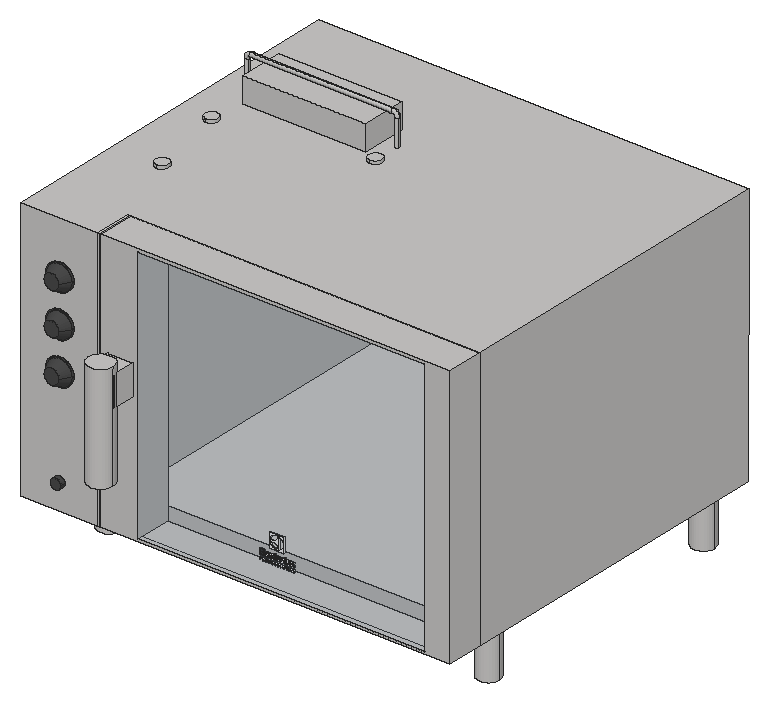
Revit family "QF_ELECTROLUXPROFESSIONAL_260815_EFCG61CSBS", category Attrezzature speciali, Revit 2018
Family settings
  Quota connettore circolare = Usa diametro
  Tipo di parte = Normale
  Basato su piano di lavoro = No
  Sempre verticale = Sì
  Taglio con vuoti quando caricato = No
  Condiviso = No
  Punto di calcolo locali = No
Parameters (values of type "Standard")
  Weight = 92.10 kg
  Watts = 350 W
  Volts = 220 V
  URL Manufacturer = "https://www.electroluxprofessional.com/"
  URL = "https://www.electroluxprofessional.com/"
  Steam Supply Size = 0 mm
  Steam Supply Minimum Pressure = 0.0 Pa
  Steam Supply Maximum Pressure = 0.0 Pa
  Steam Consumption per Hour = 0
  Show Logo [instance] = yes
  Show Clearance [instance] = yes
  Refrigeration Suction Line Size = 0 mm
  Refrigeration Liquid Line Size = 0 mm
  Refrigerant Compressor Remote = yes
  Produttore = "Electrolux Professional"
  Phase = 1
  Modello = "EFCG61CSBS"
  Length Actual = 860 mm  # constant formula
  Item Number = "260815"
  Hot Water Size = 0 mm
  Height Actual = 701 mm  # constant formula
  HP = "0.5 HP"
  Gas Size = 12.7 mm
  Gas KW = 8.5
  Gas Input Pressure = 0.0585289 W
  Direct Waste Size = 25 mm
  Descrizione = "CONVECTION OVEN CW 6 GN 1/1 - GAS - 60HZ"
  Depth Actual = 746 mm  # constant formula
  Cycle = 60 Hz
  Condensate Return Size = 0 mm
  Compressed Air Volume = 0.0 L/s
  Compressed Air Size = 0 mm
  Compressed Air Pressure = 0.0 Pa
  Cold Water Size = 19.05 mm
  Accessory = yes
Types (2, lengths in mm): name | URL | Produttore | Phase | Modello | Gas Size | Direct Waste Size | Descrizione | Cold Water Size
  (no name) | 0 | 0 | 0 | 0 | 0 | 0 | 0 | 0
  Standard | "https://www.electroluxprofessional.com/" | "Electrolux Professional" | 1 | "EFCG61CSBS" | 12.7 | 25 | "CONVECTION OVEN CW 6 GN 1/1 - GAS - 60HZ" | 19.05
Values of the unnamed type that differ from the named types
  Weight = 0.00 kg
  Watts = 0 W
  Volts = 0 V
  URL Manufacturer = ""
  Item Number = ""
  HP = ""
  Gas KW = 0
  Gas Input Pressure = 0 W
  Cycle = 0 Hz
Reference planes
  plane 1 "Center X": y = 106.851
  plane 2: z = 0
  plane 3 "Center Y": x = -330
  plane 4 "LEFT": x = -760
  plane 5 "BACK": y = 479.851
  plane 6 "RIGHT": x = 100
  plane 7 "FRONT": y = -266.149
  plane 8: x = -710
  plane 9: y = 421.851
  plane 10: y = -191.149
  plane 11: x = 80
  plane 12: z = 108
  plane 13 "Center Z": z = 633
  plane 14: z = 0
  plane 15 "1": y = 241.851
Forms (mm)
  Extrusion 1, solid, material "QF_Finishes_Stainless Steel"
    sketch origin (0, 0, 950) x (-1, 0, 0) y (0, -1, 0)
      loop
        line (760, -479.851) -> (760, 266.149) -> (600, 266.149) -> (600, 191.149) -> (-100, 191.149) -> (-100, -479.851) -> (760, -479.851)
    from -317 to -842
  Extrusion 2, solid, material "QF_Finishes_Stainless Steel"
    sketch origin (0, -266.149, -670) x (-1, 0, 0) y (0, 0, 1)
      loop
        line (605, 1303) -> (-100, 1303) -> (-100, 778) -> (605, 778) -> (605, 1303)
      loop
        line (525, 1298) -> (-50, 1298) -> (-50, 783) -> (525, 783) -> (525, 1298)
    from 0 to 75
  Extrusion 3, solid, material "QF_Finishes_Glass"
    sketch origin (0, -266.149, -670) x (-1, 0, 0) y (0, 0, 1)
      loop
        line (-50, 1298) -> (-50, 783) -> (525, 783) -> (525, 1298) -> (-50, 1298)
    from 0 to 9.69
  Extrusion 4, solid, material "QF_Finishes_Stainless Steel"
    sketch origin (-46, -45, 638) x (0, -1, 0) y (-1, 0, 0)
      loop
        circle (-347.851, 643) r 13.25
    from 0 to 5
  Extrusion 5, solid, material "QF_Door-Drawer Clearances", visible <- "Show Clearance", detail levels coarse
    sketch origin (0, 0, 633) x (-1, 0, 0) y (0, -1, 0)
      loop
        arc (600, 266.149) -> (394.975, 761.124) -> (-100, 966.149) r 700
        line (-100, 966.149) -> (-100, 266.149) -> (600, 266.149)
    from -525 to 0
  Extrusion 6, solid, material "QF_Finishes_Stainless Steel"
    sketch origin (-20, -463, 638) x (0, -1, 0) y (-1, 0, 0)
      loop
        circle (-429.851, 643) r 13.25
    from 0 to 5
  Extrusion 7, solid, material "QF_Finishes_Stainless Steel"
    sketch origin (246, -161, 638) x (0, -1, 0) y (-1, 0, 0)
      loop
        circle (-347.851, 658) r 13.25
    from 0 to 5
  Extrusion 8, solid, material "QF_Finishes_Stainless Steel"
    sketch origin (0, 0, 420) x (-1, 0, 0) y (0, -1, 0)
      loop
        circle (559.299, 316.149) r 25
    from -193.655 to 20
  Extrusion 9, solid, material "QF_Finishes_Stainless Steel"
    sketch origin (0, 0, 420) x (-1, 0, 0) y (0, -1, 0)
      loop
        line (534.299, 316.149) -> (534.299, 266.149) -> (584.299, 266.149) -> (584.299, 316.149)
        arc (584.299, 316.149) -> (559.299, 291.149) -> (534.299, 316.149) r 25
    from -55.026 to 5
  Extrusion 10, solid, material "QF_Finishes_Black"
    sketch origin (25, -316.149, -1057.5) x (-1, 0, 0) y (0, 0, 1)
      loop
        circle (705.941, 1218.523) r 10
    from 40 to 50
  Extrusion 11, solid, material "QF_Finishes_Stainless Steel"
    sketch origin (-51, -218, 638) x (0, -1, 0) y (-1, 0, 0)
      loop
        circle (-347.851, 643) r 13.25
    from 0 to 5
  Extrusion 12, solid, material "QF_Finishes_Black"
    sketch origin (24, -266.149, -666.676) x (-1, 0, 0) y (0, 0, 1)
      loop
        circle (704, 1195.5) r 26.676
    from 0 to -3
  Blend 13, solid, material "QF_Finishes_Black"
    base sketch origin (-6, -266.149, -666.676) x (1, 0, 0) y (0, 0, 1)
      loop
        circle (-674, 1195.5) r 25
    top sketch origin (-6, -266.149, -666.676) x (1, 0, 0) y (0, 0, 1)
      loop
        circle (-674, 1195.5) r 15
    from 3 to 21.442
  Extrusion 14, solid, material "QF_Finishes_Black"
    sketch origin (24, -266.149, -751.676) x (-1, 0, 0) y (0, 0, 1)
      loop
        circle (704, 1195.5) r 26.676
    from 0 to -3
  Blend 15, solid, material "QF_Finishes_Black"
    base sketch origin (-6, -266.149, -751.676) x (1, 0, 0) y (0, 0, 1)
      loop
        circle (-674, 1195.5) r 25
    top sketch origin (-6, -266.149, -751.676) x (1, 0, 0) y (0, 0, 1)
      loop
        circle (-674, 1195.5) r 15
    from 3 to 21.442
  Extrusion 16, solid, material "QF_Finishes_Black"
    sketch origin (24, -266.149, -836.676) x (-1, 0, 0) y (0, 0, 1)
      loop
        circle (704, 1195.5) r 26.676
    from 0 to -3
  Blend 17, solid, material "QF_Finishes_Black"
    base sketch origin (-6, -266.149, -836.676) x (1, 0, 0) y (0, 0, 1)
      loop
        circle (-674, 1195.5) r 25
    top sketch origin (-6, -266.149, -836.676) x (1, 0, 0) y (0, 0, 1)
      loop
        circle (-674, 1195.5) r 15
    from 3 to 21.442
  Extrusion 18, void
    sketch origin (-600, -680.149, 1750) x (-1, 0, 0) y (0, 0, 1)
      loop
        line (0, -1138.194) -> (-650, -1138.194) -> (-650, -1610) -> (0, -1610) -> (0, -1138.194)
    from 489 to 1102
  Extrusion 19, solid, material "QF_Finishes_Stainless Steel"
    sketch origin (-158.755, 1.577, 1620) x (-1, 0, 0) y (0, -1, 0)
      loop
        line (527.245, -285.274) -> (527.245, -195.745) -> (280.245, -195.745) -> (280.245, -285.274) -> (527.245, -285.274)
    from -987 to -936
  Sweep 20, solid, material "QF_Finishes_Stainless Steel"
    path origin (-11, 241.851, 0) x (-1, 0, 0) y (0, 0, 1)
      loop
        line (702, 638) -> (702, 687)
        arc (702, 687) -> (699.657, 692.657) -> (694, 695) r 8
        line (694, 695) -> (409, 695)
        arc (409, 695) -> (403.343, 692.657) -> (401, 687) r 8
        line (401, 687) -> (401, 633)
    profile origin (-713, 241.851, 662.5) x (1, 0, 0) y (0, 1, 0)
      loop
        circle (0, 0) r 4
Cuts and joins
  Extrusion 18 cuts Extrusion 1
  Extrusion 18 cuts Extrusion 2
  Extrusion 18 cuts Extrusion 3
  Extrusion 18 cuts Extrusion 5
  Extrusion 18 cuts Extrusion 7
  Extrusion 18 cuts Extrusion 8
  Extrusion 18 cuts Extrusion 9
Lines and regions (mm)
  Split face 1
    outline origin (-720, -266.149, 950) x (0, 0, -1) y (1, 0, 0)
      loop
        line (322, -25) -> (837, -25) -> (837, 105) -> (322, 105) -> (322, -25)
  Split face 2
    outline origin (-736.25, -266.149, 746.25) x (0, 0, -1) y (1, 0, 0)
      loop
        line (469.5, 38.5) -> (485.75, 38.5) -> (485.75, 73.5) -> (469.5, 73.5) -> (469.5, 38.5)
  Split face 3
    outline origin (30, -266.149, 135) x (1, 0, 0) y (0, 0, 1)
      loop
        line (-541.223, 70.039) -> (-390, 70.039) -> (-361.716, 98.323) -> (-275, 98.323) -> (-188.284, 98.323) -> (-160, 70.039) -> (6.223, 70.039) -> (6.223, 415.039) -> (-541.223, 415.039) -> (-541.223, 70.039)
  Split face 4
    outline origin (-720, -266.149, 950) x (0, 0, -1) y (1, 0, 0)
      loop
        line (792, -25) -> (792, 105)
  Split face 5
    outline origin (-600, -266.149, 950) x (-1, 0, 0) y (0, 0, -1)
      loop
        line (145, 367) -> (15, 367)
  symbolic lines
    curve 1: line (-760, -266.149, 1620) -> (-760, 479.851, 1620)
    curve 2: line (-760, 479.851, 1620) -> (100, 479.851, 1620)
    curve 3: line (-600, -191.149, 1620) -> (100, -191.149, 1620)
    curve 4: line (-600, -191.149, 1620) -> (-600, -266.149, 1620)
    curve 5: line (-760, -266.149, 1620) -> (100, -266.149, 1620)
    curve 6: line (-706.676, -269.149, 1620) -> (-653.324, -269.149, 1620)
    curve 7: line (-695, -287.591, 1620) -> (-665, -287.591, 1620)
    curve 8: line (-706.676, -269.149, 1620) -> (-706.676, -266.149, 1620)
    curve 9: line (-653.324, -269.149, 1620) -> (-653.324, -266.149, 1620)
    curve 10: line (-695, -287.591, 1620) -> (-705, -269.149, 1620)
    curve 11: line (-665, -287.591, 1620) -> (-655.006, -269.149, 1620)
    curve 12: line (100, 479.851, 1620) -> (100, -266.149, 1620)
    curve 14: arc (-534.299, -316.149, 1620) -> (-559.299, -291.149, 1620) -> (-584.299, -316.149, 1620) r 25
    curve 15: arc (-584.299, -316.149, 1620) -> (-559.299, -341.149, 1620) -> (-534.299, -316.149, 1620) r 25
    curve 16: line (-534.299, -316.149, 1620) -> (-534.299, -266.149, 1620)
    curve 17: line (-584.299, -266.149, 1620) -> (-584.299, -316.149, 1620)
    curve 19: line (-686, 286.851, 684) -> (-439, 286.851, 684)
    curve 20: line (-686, 197.322, 684) -> (-686, 237.851, 684)
    curve 21: line (-439, 197.322, 684) -> (-686, 197.322, 684)
    curve 22: line (-439, 286.851, 684) -> (-439, 245.851, 684)
    curve 23: line (-713, 245.851, 684) -> (-412, 245.851, 684)
    curve 24: line (-713, 237.851, 684) -> (-713, 245.851, 684)
    curve 25: line (-412, 237.851, 684) -> (-713, 237.851, 684)
    curve 26: line (-412, 245.851, 684) -> (-412, 237.851, 684)
    curve 27: line (-686, 245.851, 684) -> (-686, 286.851, 684)
    curve 28: line (-439, 237.851, 684) -> (-439, 197.322, 684)
  symbolic lines, style "QF_Door-Drawer Clearances"
    curve 13: line (100, -966.149, 1620) -> (100, -266.149, 1620)
    curve 18: arc (-600, -266.149, 684) -> (-394.975, -761.124, 684) -> (100, -966.149, 684) r 700
Dimensions and locks
  equal spacing: plane 4 "LEFT", plane 3 "Center Y", plane 6 "RIGHT"
  plane 4 "LEFT" to plane 6 "RIGHT" = 860 mm
  plane 5 "BACK" to plane 7 "FRONT" = 746 mm
  equal spacing: plane 5 "BACK", plane 1 "Center X", plane 7 "FRONT"
  plane 12 to plane 14 = 108 mm
  plane 13 "Center Z" to plane 12 = 525 mm
  plane 13 "Center Z" to plane 14 = 633 mm
  aligned and locked: level to plane 2
  aligned and locked: plane 12 to nested 1
  aligned and locked: plane 12 to nested 2
  aligned and locked: plane 12 to nested 4
  aligned and locked: plane 12 to nested 3
  aligned and locked: Extrusion 1 to plane 12
  aligned and locked: plane 13 "Center Z" to Extrusion 1
  aligned and locked: Blend 13 to Extrusion 12
  aligned and locked: Blend 15 to Extrusion 14
  aligned and locked: Blend 17 to Extrusion 16
Automatic sketch dimensions
  curve 3 to plane 6 "RIGHT" = 0 mm
  curve 16 to plane 7 "FRONT" = 0 mm
  curve 3 to plane 10 = 0 mm
  curve 2 to plane 4 "LEFT" = 0 mm
  curve 1 to plane 5 "BACK" = 0 mm
  curve 16 to plane 7 "FRONT" = 50 mm
  plane 8 to curve 16 = 175.701 mm
  curve 14 to curve 15 = 25 mm
  curve 17 to curve 3 = 15.701 mm
  curve 6 to plane 7 "FRONT" = 3 mm
  curve 4 to curve 6 = 53.324 mm
  curve 6 to curve 7 = 11.676 mm
  plane 8 to curve 7 = 15 mm
  plane 8 to curve 8 = 3.324 mm
  curve 11 to curve 11 = 18.442 mm
  curve 6 to curve 11 = 1.682 mm
  curve 10 to curve 6 = 1.676 mm
  Extrusion 1 sketch curve to plane 5 "BACK" = 0 mm
  Extrusion 1 sketch curve to plane 6 "RIGHT" = 0 mm
  Extrusion 1 sketch curve to plane 10 = 0 mm
  Extrusion 1 sketch curve to plane 7 "FRONT" = 0 mm
  Extrusion 1 sketch curve to plane 4 "LEFT" = 0 mm
  plane 8 to Extrusion 1 sketch curve = 110 mm
  Extrusion 2 sketch curve to plane 6 "RIGHT" = 0 mm
  Extrusion 2 sketch curve to plane 12 = 0 mm
  Extrusion 2 sketch curve to plane 13 "Center Z" = 0 mm
  plane 12 to Extrusion 2 sketch curve = 5 mm
  Extrusion 2 sketch curve to plane 11 = 30 mm
  Extrusion 2 sketch curve to plane 13 "Center Z" = 5 mm
  plane 8 to Extrusion 2 sketch curve = 185 mm
  Extrusion 2 sketch curve to Extrusion 2 sketch curve = 80 mm
  plane 12 to Extrusion 3 sketch curve = 5 mm
  Extrusion 3 sketch curve to plane 11 = 30 mm
  plane 8 to Extrusion 3 sketch curve = 185 mm  (x2)
  Extrusion 3 sketch curve to plane 13 "Center Z" = 5 mm
  Extrusion 4 sketch curve to plane 1 "Center X" = 196 mm
  plane 8 to Extrusion 4 sketch curve = 21 mm
  Extrusion 5 sketch curve to plane 6 "RIGHT" = 0 mm
  Extrusion 5 sketch curve to plane 7 "FRONT" = 0 mm
  plane 8 to Extrusion 5 sketch curve = 110 mm
  Split face 1 sketch curve to Extrusion 1 = 5 mm  (x2)
  Split face 1 sketch curve to Extrusion 1 = 15 mm  (x2)
  Split face 2 sketch curve to Extrusion 1 = 62.75 mm
  Split face 2 sketch curve to Extrusion 1 = 168.75 mm
  Split face 2 sketch curve to Split face 2 sketch curve = 16.25 mm
  Split face 2 sketch curve to Split face 2 sketch curve = 35 mm
  plane 8 to Extrusion 6 sketch curve = 47 mm
  plane 1 "Center X" to Extrusion 6 sketch curve = 140 mm
  Extrusion 7 sketch curve to plane 3 "Center Y" = 82 mm
  Extrusion 7 sketch curve to plane 9 = 235 mm
  Extrusion 8 sketch curve to plane 7 "FRONT" = 50 mm
  plane 8 to Extrusion 8 sketch curve = 150.701 mm
  Extrusion 9 sketch curve to plane 7 "FRONT" = 0 mm
  plane 8 to Extrusion 9 sketch curve = 175.701 mm
  Extrusion 9 sketch curve to Extrusion 9 sketch curve = 25 mm
  Extrusion 9 sketch curve to plane 7 "FRONT" = 50 mm
  Split face 3 sketch curve to Extrusion 3 = 13.777 mm  (x2)
  Split face 3 sketch curve to Split face 3 sketch curve = 151.223 mm
  Split face 3 sketch curve to Split face 3 sketch curve = 28.284 mm  (x3)
  Split face 3 sketch curve to Split face 3 sketch curve = 86.716 mm  (x2)
  Split face 3 sketch curve to Extrusion 3 = 92.039 mm  (x2)
  Split face 3 sketch curve to Extrusion 3 = 77.961 mm
  Split face 4 sketch curve to Extrusion 1 = 15 mm  (x2)
  Split face 4 sketch curve to Extrusion 1 = 50 mm
  plane 8 to Extrusion 10 sketch curve = 29.059 mm
  plane 12 to Extrusion 10 sketch curve = 53.023 mm
  Split face 5 sketch curve to Extrusion 1 = 15 mm  (x2)
  Split face 5 sketch curve to Extrusion 1 = 50 mm
  plane 8 to Extrusion 11 sketch curve = 16 mm
  Extrusion 11 sketch curve to plane 1 "Center X" = 23 mm
  plane 8 to Extrusion 12 sketch curve = 30 mm
  Extrusion 12 sketch curve to plane 13 "Center Z" = 104.176 mm
  plane 8 to Blend 13 sketch curve = 30 mm  (x2)
  Blend 13 sketch curve to plane 13 "Center Z" = 104.176 mm  (x2)
  plane 8 to Extrusion 14 sketch curve = 30 mm
  Extrusion 14 sketch curve to plane 13 "Center Z" = 189.176 mm
  plane 8 to Blend 15 sketch curve = 30 mm  (x2)
  Blend 15 sketch curve to plane 13 "Center Z" = 189.176 mm  (x2)
  plane 8 to Extrusion 16 sketch curve = 30 mm
  plane 12 to Extrusion 16 sketch curve = 250.824 mm
  plane 8 to Blend 17 sketch curve = 30 mm  (x2)
  plane 12 to Blend 17 sketch curve = 250.824 mm  (x2)
  Extrusion 18 sketch curve to plane 11 = 30 mm
  plane 12 to Extrusion 18 sketch curve = 32 mm
  plane 8 to Extrusion 18 sketch curve = 110 mm
  Extrusion 18 sketch curve to plane 13 "Center Z" = 21.194 mm
  Extrusion 19 sketch curve to plane 3 "Center Y" = 109 mm
  plane 8 to Extrusion 19 sketch curve = 24 mm
  Extrusion 19 sketch curve to plane 9 = 135 mm
  Extrusion 19 sketch curve to plane 1 "Center X" = 90.471 mm
  Sweep 20 sketch curve to plane 13 "Center Z" = 0 mm
  Sweep 20 sketch curve to plane 3 "Center Y" = 82 mm
  Sweep 20 sketch curve to Sweep 20 sketch curve = 8 mm
  plane 8 to Sweep 20 sketch curve = 5 mm
  Sweep 20 sketch curve to plane 8 = 3 mm
  Sweep 20 sketch curve to Sweep 20 sketch curve = 54 mm
  plane 13 "Center Z" to Sweep 20 sketch curve = 5 mm
  Sweep 20 sketch curve to plane 15 "1" = 0 mm
  Sweep 20 sketch curve to profile plane = 0 mm
  curve 13 to plane 7 "FRONT" = 700 mm
  curve 18 to plane 6 "RIGHT" = 0 mm
  curve 18 to plane 7 "FRONT" = 0 mm
  curve 25 to plane 15 "1" = 4 mm
  curve 25 to plane 3 "Center Y" = 82 mm
  curve 25 to curve 21 = 27 mm
  curve 19 to curve 28 = 0 mm
  plane 8 to curve 21 = 24 mm
  plane 8 to curve 27 = 24 mm
  curve 24 to plane 8 = 3 mm
  plane 15 "1" to curve 26 = 4 mm
  curve 19 to curve 27 = 41 mm
  curve 21 to plane 15 "1" = 44.529 mm
  plane 8 to curve 18 = 110 mm
  radius of Extrusion 4 sketch curve = 13.25 mm
  radius of Extrusion 6 sketch curve = 13.25 mm
  radius of Extrusion 7 sketch curve = 13.25 mm
  radius of Extrusion 8 sketch curve = 25 mm
  radius of Extrusion 10 sketch curve = 10 mm
  radius of Extrusion 11 sketch curve = 13.25 mm
  radius of Extrusion 12 sketch curve = 26.676 mm
  radius of Blend 13 sketch curve = 25 mm
  radius of Blend 13 sketch curve = 15 mm
  radius of Extrusion 14 sketch curve = 26.676 mm
  radius of Blend 15 sketch curve = 25 mm
  radius of Blend 15 sketch curve = 15 mm
  radius of Extrusion 16 sketch curve = 26.676 mm
  radius of Blend 17 sketch curve = 25 mm
  radius of Blend 17 sketch curve = 15 mm
  radius of Sweep 20 sketch curve = 4 mm
Nested families
  nested 1: "Foot" at (-710, -107.149, 0), type "Foot"
    with Ø 22 mm, H 108 mm
  nested 2: "Foot" at (50, -107.149, 0), type "Foot"
    with Ø 22 mm, H 108 mm
  nested 3: "Foot" at (50, 429.851, 0), type "Foot"
    with Ø 22 mm, H 108 mm
  nested 4: "Foot" at (-710, 429.851, 0), type "Foot"
    with Ø 22 mm, H 108 mm
  nested 5: "ELX_Pro_Logo" at (-245, -266.149, 187.762) x (1, 0, 0) z (0, -1, 0), type "ELX_Pro_Logo"
Connectors
  piping at (-412, 186.851, 638), diameter 25, driven by "Direct Waste Size"
    settings: on Extrusion 7, index 6, connector inside diameter 609.6 mm, connector length 0 mm, flow factor 0, pipe flow 0.0 L/s, pressure drop 0.0 Pa, fitting loss kfactor 0, connector angle 0.00°, fixture units 0, engagement length 0 mm, angle of deflection 0.00°, flow configuration 0, flow direction 0, fitting loss method 0, system type 16, joint type 0, gender type 0, connector reference index -1, connector utility 0, adjustable connector no, is connector primary yes, connector description "Drain"
  electrical at (-663, -33.149, 638)
    settings: on Extrusion 6, index 7, voltage 0 V, apparent load 0 VA, apparent load phase1 0 VA, apparent load phase2 0 VA, apparent load phase3 0 VA, power factor 1, load classification "Altro", number of poles 1, system type 30, power factor state 1, is connector primary yes, connector utility no, sub classification motor no, connector description ""
  piping at (-689, 302.851, 638), diameter 19.05, driven by "Cold Water Size"
    settings: on Extrusion 4, index 8, connector inside diameter 609.6 mm, connector length 0 mm, flow factor 0, pipe flow 0.0 L/s, pressure drop 0.0 Pa, fitting loss kfactor 0, connector angle 0.00°, fixture units 0, engagement length 0 mm, angle of deflection 0.00°, flow configuration 0, flow direction 0, fitting loss method 0, system type 20, joint type 0, gender type 0, connector reference index -1, connector utility 0, adjustable connector no, is connector primary no, connector description "Cold Water Inlet"
  piping at (-694, 129.851, 638), diameter 26.4
    settings: on Extrusion 11, index 9, connector inside diameter 609.6 mm, connector length 0 mm, flow factor 0, pipe flow 0.0 L/s, pressure drop 0.0 Pa, fitting loss kfactor 0, connector angle 0.00°, fixture units 0, engagement length 0 mm, angle of deflection 0.00°, flow configuration 0, flow direction 0, fitting loss method 0, system type 22, joint type 0, gender type 0, connector reference index -1, connector utility 0, adjustable connector no, is connector primary no, connector description "Gas"
Definition of nested family "Foot"
  Parameters
    Ø [instance] = 20 mm
    H [instance] = 50 mm
  Reference planes
    plane 1 "Centro (Fronte/Retro)": y = 0
    plane 2: z = 0
    plane 3 "Centro (Sinistra/Destra)": x = 0
    plane 4: z = 50
  Forms (mm)
    Revolve 1, solid
      sketch origin (255.05, 0, 608.09) x (0, 0, 1) y (-1, 0, 0)
        loop
          line (-608.09, 255.05) -> (-608.09, 235.05) -> (-558.09, 235.05) -> (-558.09, 255.05) -> (-608.09, 255.05)
        axis (-608.09, 255.05) -> (-558.09, 255.05)
      angle from 0 to 360
  Dimensions and locks
    "H": plane 4 to plane 2
    "Ø": Revolve 1 sketch curve to Revolve 1 sketch curve
    aligned and locked: level to plane 2
    aligned and locked: plane 4 to Revolve 1 sketch curve
    aligned and locked: Revolve 1 sketch curve to level
    aligned and locked: plane 3 "Centro (Sinistra/Destra)" to Revolve 1 sketch curve
  Automatic sketch dimensions
    Revolve 1 sketch curve to plane 3 "Centro (Sinistra/Destra)" = 0 mm
    Revolve 1 sketch curve to Revolve 1 sketch curve = 50 mm
    Revolve 1 sketch curve to Revolve 1 sketch curve = 20 mm
Definition of nested family "ELX_Pro_Logo"
  Parameters (values of type "ELX_Pro_Logo")
    M = none
    Default Elevation = 0 mm
  Reference planes
    plane 1 "Centro (Fronte/Retro)": y = 0
    plane 2: z = 0
    plane 3 "Centro (Sinistra/Destra)": x = 0
  Forms (mm)
    Extrusion 1, solid
      sketch origin (0, 0, 0) x (1, 0, 0) y (0, 1, 0)
        loop
          line (-1219.2, 1219.2) -> (-1219.2, -1219.2) -> (1219.2, -1219.2) -> (1219.2, 1219.2) -> (-1219.2, 1219.2)
      from 0 to -304.8
    Extrusion 2, solid, material <- "M"
      sketch origin (-144.622, -1081.55, 0) x (-1, 0, 0) y (0, -1, 0)
        loop
          line (-111.329, -1069.559) -> (-111.329, -1071.073) -> (-116.048, -1071.073) -> (-116.048, -1072.896) -> (-111.328, -1072.896) -> (-111.328, -1075.549) -> (-116.349, -1075.549) -> (-116.349, -1077.368) -> (-109.396, -1077.368) -> (-109.396, -1073.46) -> (-109.396, -1069.659)
          arc (-109.396, -1069.659) -> (-110.425, -1067.175) -> (-112.909, -1066.146) r 3.513
          line (-112.909, -1066.146) -> (-116.483, -1066.146) -> (-116.483, -1067.963) -> (-112.925, -1067.963)
          arc (-112.925, -1067.963) -> (-111.797, -1068.431) -> (-111.329, -1069.559) r 1.596
        loop
          line (-119.79, -1077.358) -> (-117.856, -1077.358) -> (-117.856, -1072.053) -> (-117.856, -1066.132) -> (-119.79, -1066.132) -> (-119.79, -1072.092) -> (-119.79, -1077.358)
        loop
          line (-122.986, -1069.718) -> (-129.327, -1069.718)
          arc (-129.327, -1069.718) -> (-129.219, -1071.449) -> (-128.497, -1073.026) r 4.757
          arc (-128.497, -1073.026) -> (-125.237, -1074.5) -> (-121.978, -1073.026) r 4.34
          arc (-121.978, -1073.026) -> (-121.072, -1070.207) -> (-121.978, -1067.388) r 4.838
          arc (-121.978, -1067.388) -> (-125.393, -1065.933) -> (-128.809, -1067.388) r 4.737
          line (-128.809, -1067.388) -> (-127.645, -1068.52)
          arc (-127.645, -1068.52) -> (-125.509, -1067.576) -> (-123.374, -1068.52) r 2.888
          arc (-123.374, -1068.52) -> (-123.05, -1069.077) -> (-122.986, -1069.718) r 1.527
        loop
          arc (-127.386, -1071.076) -> (-126.67, -1072.331) -> (-125.331, -1072.872) r 2.201
          arc (-125.331, -1072.872) -> (-123.848, -1072.402) -> (-123.033, -1071.076) r 2.23
          line (-123.033, -1071.076) -> (-127.386, -1071.076)
        loop
          line (-136.862, -1071.886) -> (-138.059, -1073.132)
          arc (-138.059, -1073.132) -> (-130.327, -1070.219) -> (-138.059, -1067.306) r 4.415
          line (-138.059, -1067.306) -> (-136.862, -1068.553)
          arc (-136.862, -1068.553) -> (-132.252, -1070.22) -> (-136.862, -1071.886) r 2.606
        loop
          line (-141.192, -1069.673) -> (-141.192, -1072.494) -> (-142.951, -1072.494) -> (-142.951, -1074.25) -> (-141.195, -1074.25) -> (-141.195, -1077.358) -> (-139.262, -1077.358) -> (-139.262, -1073.332) -> (-139.262, -1069.514)
          arc (-139.262, -1069.514) -> (-140.299, -1066.92) -> (-142.98, -1066.132) r 3.196
          line (-142.98, -1066.132) -> (-142.987, -1067.949)
          arc (-142.987, -1067.949) -> (-141.652, -1068.356) -> (-141.192, -1069.673) r 1.542
        loop
          line (-146.494, -1073.042) -> (-146.494, -1074.25) -> (-144.576, -1074.25) -> (-144.576, -1070.271) -> (-144.576, -1066.132) -> (-146.494, -1066.132) -> (-146.494, -1070.401)
          arc (-146.494, -1070.401) -> (-147.446, -1072.228) -> (-149.489, -1072.494) r 2.229
          line (-149.489, -1072.494) -> (-149.489, -1074.362)
          arc (-149.489, -1074.362) -> (-147.761, -1074.226) -> (-146.494, -1073.042) r 2.627
        loop
          line (-159.833, -1072.246) -> (-159.833, -1066.131) -> (-161.767, -1066.131) -> (-161.767, -1072.17) -> (-161.767, -1077.359) -> (-159.833, -1077.359) -> (-159.833, -1072.246)
        loop
          line (-165.194, -1069.514) -> (-165.194, -1074.25) -> (-163.245, -1074.25) -> (-163.245, -1071.898) -> (-163.245, -1069.098)
          arc (-163.245, -1069.098) -> (-166.96, -1065.769) -> (-170.687, -1069.085) r 3.745
          line (-170.687, -1069.085) -> (-170.687, -1071.898) -> (-170.687, -1074.25) -> (-168.739, -1074.25) -> (-168.739, -1069.514)
          arc (-168.739, -1069.514) -> (-166.967, -1067.742) -> (-165.194, -1069.514) r 1.772
        loop
          line (-174.654, -1070.416) -> (-172.975, -1068.078) -> (-171.578, -1066.131) -> (-173.656, -1066.131) -> (-175.717, -1068.999) -> (-177.779, -1066.131) -> (-179.857, -1066.131) -> (-178, -1068.728) -> (-176.781, -1070.433) -> (-178.29, -1072.488) -> (-179.583, -1074.25) -> (-177.473, -1074.25) -> (-175.717, -1071.818) -> (-173.945, -1074.25) -> (-171.852, -1074.25) -> (-173.052, -1072.608) -> (-174.654, -1070.416)
        loop
          circle (-154.223, -1070.188) r 2.508
        loop
          circle (-154.223, -1070.188) r 4.42
        loop
          line (-110.224, -1058.542) -> (-111.194, -1058.542)
          arc (-111.194, -1058.542) -> (-112.217, -1059.95) -> (-110.924, -1061.114) r 1.3
          line (-110.924, -1061.114) -> (-109.424, -1061.114) -> (-109.424, -1057.223) -> (-110.224, -1057.223) -> (-110.224, -1058.542)
        loop
          line (-110.224, -1060.379) -> (-110.224, -1059.293) -> (-111.03, -1059.293)
          arc (-111.03, -1059.293) -> (-111.43, -1059.836) -> (-111.03, -1060.379) r 0.569
          line (-111.03, -1060.379) -> (-110.224, -1060.379)
        loop
          line (-116.302, -1058.564) -> (-117.128, -1058.564) -> (-117.934, -1057.223) -> (-118.841, -1057.223) -> (-117.833, -1058.884)
          arc (-117.833, -1058.884) -> (-118.214, -1060.282) -> (-117.028, -1061.114) r 1.26
          line (-117.028, -1061.114) -> (-115.503, -1061.114) -> (-115.503, -1057.223) -> (-116.302, -1057.223) -> (-116.302, -1058.564)
        loop
          line (-116.302, -1060.379) -> (-116.302, -1059.293) -> (-117.109, -1059.293)
          arc (-117.109, -1059.293) -> (-117.508, -1059.836) -> (-117.109, -1060.379) r 0.569
          line (-117.109, -1060.379) -> (-116.302, -1060.379)
        loop
          line (-128.923, -1057.223) -> (-129.723, -1057.223) -> (-129.723, -1058.714) -> (-131.187, -1058.714) -> (-131.187, -1059.514) -> (-129.723, -1059.514) -> (-129.723, -1060.314) -> (-131.327, -1060.314) -> (-131.327, -1061.114) -> (-128.923, -1061.114) -> (-128.923, -1057.223)
        loop
          arc (-134.628, -1058.469) -> (-134.992, -1057.588) -> (-135.874, -1057.223) r 1.246
          line (-135.874, -1057.223) -> (-137.13, -1057.223) -> (-137.13, -1058.023) -> (-135.969, -1058.023)
          arc (-135.969, -1058.023) -> (-135.53, -1058.237) -> (-135.427, -1058.714) r 0.558
          line (-135.427, -1058.714) -> (-136.984, -1058.714) -> (-136.984, -1059.514) -> (-135.427, -1059.514) -> (-135.427, -1060.314) -> (-137.092, -1060.314) -> (-137.092, -1061.114) -> (-134.628, -1061.114) -> (-134.628, -1058.469)
        loop
          line (-152.3, -1057.223) -> (-153.1, -1057.223) -> (-153.1, -1061.114) -> (-152.3, -1061.114) -> (-152.3, -1057.223)
        loop
          line (-164.67, -1057.223) -> (-164.67, -1059.67) -> (-166.45, -1057.223) -> (-167.25, -1057.223) -> (-167.25, -1061.114) -> (-166.42, -1061.114) -> (-166.42, -1058.594) -> (-164.64, -1061.114) -> (-163.84, -1061.114) -> (-163.84, -1057.223) -> (-164.67, -1057.223)
        loop
          line (-170.403, -1057.223) -> (-171.262, -1057.223) -> (-171.641, -1058.063) -> (-173.08, -1058.063) -> (-173.459, -1057.223) -> (-174.317, -1057.223) -> (-172.796, -1061.113) -> (-171.996, -1061.113) -> (-170.403, -1057.223)
        loop
          line (-177.493, -1057.223) -> (-179.789, -1057.223) -> (-179.789, -1058.023) -> (-178.293, -1058.023) -> (-178.293, -1061.114) -> (-177.493, -1061.114) -> (-177.493, -1057.223)
        loop
          line (-172.362, -1059.848) -> (-171.945, -1058.83) -> (-172.76, -1058.83) -> (-172.362, -1059.848)
        loop
          circle (-158.484, -1059.145) r 1.288
        loop
          circle (-158.484, -1059.145) r 2.065
        loop
          arc (-146.04, -1058.095) -> (-146.933, -1057.275) -> (-148.145, -1057.245) r 1.725
          arc (-148.145, -1057.245) -> (-148.965, -1058.02) -> (-148.68, -1059.111) r 1.107
          arc (-148.68, -1059.111) -> (-148.103, -1059.465) -> (-147.486, -1059.746) r 5.523
          arc (-147.486, -1059.746) -> (-147.147, -1060.262) -> (-147.708, -1060.52) r 0.407
          arc (-147.708, -1060.52) -> (-148.045, -1060.315) -> (-148.325, -1060.038) r 1.702
          line (-148.325, -1060.038) -> (-149.011, -1060.45)
          arc (-149.011, -1060.45) -> (-148.578, -1060.911) -> (-148.043, -1061.247) r 2.463
          arc (-148.043, -1061.247) -> (-146.373, -1060.466) -> (-147.42, -1058.949) r 1.207
          spline (-147.42, -1058.949) -> (-147.716, -1058.809) -> (-147.932, -1058.678) -> (-148.077, -1058.557) -> (-148.163, -1058.446) -> (-148.198, -1058.347) -> (-148.192, -1058.258) -> (-148.157, -1058.182) -> (-148.102, -1058.118) -> (-148.037, -1058.068) -> (-147.972, -1058.031) -> (-147.917, -1058.008) -> (-147.883, -1058)
          arc (-147.883, -1058) -> (-147.238, -1058.014) -> (-146.759, -1058.446) r 0.925
          line (-146.759, -1058.446) -> (-146.04, -1058.095)
        loop
          arc (-140.18, -1058.095) -> (-141.073, -1057.275) -> (-142.285, -1057.245) r 1.725
          arc (-142.285, -1057.245) -> (-143.106, -1058.02) -> (-142.821, -1059.111) r 1.107
          arc (-142.821, -1059.111) -> (-142.243, -1059.465) -> (-141.627, -1059.746) r 5.523
          arc (-141.627, -1059.746) -> (-141.287, -1060.262) -> (-141.849, -1060.52) r 0.407
          arc (-141.849, -1060.52) -> (-142.185, -1060.315) -> (-142.466, -1060.038) r 1.702
          line (-142.466, -1060.038) -> (-143.151, -1060.45)
          arc (-143.151, -1060.45) -> (-142.719, -1060.911) -> (-142.183, -1061.247) r 2.463
          arc (-142.183, -1061.247) -> (-140.513, -1060.466) -> (-141.56, -1058.949) r 1.207
          spline (-141.56, -1058.949) -> (-141.856, -1058.809) -> (-142.072, -1058.678) -> (-142.218, -1058.557) -> (-142.303, -1058.446) -> (-142.338, -1058.347) -> (-142.333, -1058.258) -> (-142.298, -1058.182) -> (-142.242, -1058.118) -> (-142.177, -1058.068) -> (-142.112, -1058.031) -> (-142.057, -1058.008) -> (-142.023, -1058)
          arc (-142.023, -1058) -> (-141.378, -1058.014) -> (-140.9, -1058.446) r 0.925
          line (-140.9, -1058.446) -> (-140.18, -1058.095)
        loop
          circle (-123.484, -1059.145) r 1.288
        loop
          circle (-123.484, -1059.145) r 2.065
        loop
          line (-130.225, -1113.361) -> (-130.225, -1084.645) -> (-158.979, -1084.645) -> (-158.979, -1113.361) -> (-130.225, -1113.361)
        loop
          arc (-148.442, -1086.055) -> (-157.992, -1098.973) -> (-148.442, -1111.892) r 13.512
          line (-148.442, -1111.892) -> (-148.442, -1086.055)
        loop
          line (-147.127, -1086.055) -> (-147.127, -1087.926)
          arc (-147.127, -1087.926) -> (-143.116, -1095.125) -> (-135.48, -1098.224) r 12.412
          line (-135.48, -1098.224) -> (-131.205, -1098.224)
          arc (-131.205, -1098.224) -> (-136.382, -1088.497) -> (-147.127, -1086.055) r 13.242
        loop
          line (-147.127, -1110.021) -> (-147.127, -1112.224)
          arc (-147.127, -1112.224) -> (-136.374, -1109.53) -> (-131.205, -1099.722) r 13.588
          line (-131.205, -1099.722) -> (-135.48, -1099.722)
          arc (-135.48, -1099.722) -> (-143.116, -1102.822) -> (-147.127, -1110.021) r 12.412
      from 0 to 1.6
  Lines and regions (mm)
    symbolic lines
      curve 1: line (-14.357, 31.811, 0) -> (14.357, 31.811, 0)
      curve 2: line (-14.357, 3.095, 0) -> (-14.357, 31.811, 0)
      curve 3: line (14.357, 3.095, 0) -> (-14.357, 3.095, 0)
      curve 4: line (14.357, 31.811, 0) -> (14.357, 3.095, 0)
      curve 5: line (-8.32, 7.722, 0) -> (-9.387, 8.738, 0)
      curve 6: line (-9.387, 8.738, 0) -> (-10.331, 9.866, 0)
      curve 7: line (-10.331, 9.866, 0) -> (-11.141, 11.095, 0)
      curve 8: line (-11.141, 11.095, 0) -> (-11.805, 12.411, 0)
      curve 9: line (-11.805, 12.411, 0) -> (-12.31, 13.803, 0)
      curve 10: line (-12.31, 13.803, 0) -> (-12.646, 15.26, 0)
      curve 11: line (-12.646, 15.26, 0) -> (-12.8, 16.77, 0)
      curve 12: line (-12.8, 16.77, 0) -> (-10.081, 16.77, 0)
      curve 13: line (-10.081, 16.77, 0) -> (-8.466, 16.661, 0)
      curve 14: line (-8.466, 16.661, 0) -> (-6.88, 16.344, 0)
      curve 15: line (-6.88, 16.344, 0) -> (-5.345, 15.833, 0)
      curve 16: line (-5.345, 15.833, 0) -> (-3.882, 15.143, 0)
      curve 17: line (-3.882, 15.143, 0) -> (-2.511, 14.288, 0)
      curve 18: line (-2.511, 14.288, 0) -> (-1.255, 13.283, 0)
      curve 19: line (-1.255, 13.283, 0) -> (-0.135, 12.143, 0)
      curve 20: line (-0.135, 12.143, 0) -> (0.83, 10.882, 0)
      curve 21: line (0.83, 10.882, 0) -> (1.616, 9.515, 0)
      curve 22: arc (1.616, 9.515, 0) -> (2.419, 7.28, 0) -> (2.7, 4.923, 0) r 10.532
      curve 23: arc (2.7, 4.923, 0) -> (1.362, 4.715, 0) -> (0.011, 4.633, 0) r 14.39
      curve 24: line (0.011, 4.633, 0) -> (-1.56, 4.731, 0)
      curve 25: line (-1.56, 4.731, 0) -> (-3.062, 5.011, 0)
      curve 26: line (-3.062, 5.011, 0) -> (-4.502, 5.462, 0)
      curve 27: line (-4.502, 5.462, 0) -> (-5.866, 6.072, 0)
      curve 28: line (-5.866, 6.072, 0) -> (-7.142, 6.829, 0)
      curve 29: line (-7.142, 6.829, 0) -> (-8.32, 7.722, 0)
      curve 30: line (-10.802, 24.24, 0) -> (-9.872, 25.531, 0)
      curve 31: line (-9.872, 25.531, 0) -> (-8.796, 26.699, 0)
      curve 32: line (-8.796, 26.699, 0) -> (-7.587, 27.728, 0)
      curve 33: line (-7.587, 27.728, 0) -> (-6.258, 28.602, 0)
      curve 34: line (-6.258, 28.602, 0) -> (-4.823, 29.309, 0)
      curve 35: line (-4.823, 29.309, 0) -> (-3.293, 29.832, 0)
      curve 36: line (-3.293, 29.832, 0) -> (-1.683, 30.156, 0)
      curve 37: arc (-1.683, 30.156, 0) -> (0.517, 30.256, 0) -> (2.702, 29.984, 0) r 13.008
      curve 38: arc (2.702, 29.984, 0) -> (2.453, 27.616, 0) -> (1.617, 25.387, 0) r 9.395
      curve 39: line (1.617, 25.387, 0) -> (0.83, 24.018, 0)
      curve 40: line (0.83, 24.018, 0) -> (-0.134, 22.756, 0)
      curve 41: line (-0.134, 22.756, 0) -> (-1.255, 21.615, 0)
      curve 42: line (-1.255, 21.615, 0) -> (-2.512, 20.609, 0)
      curve 43: line (-2.512, 20.609, 0) -> (-3.882, 19.754, 0)
      curve 44: line (-3.882, 19.754, 0) -> (-5.346, 19.063, 0)
      curve 45: line (-5.346, 19.063, 0) -> (-6.881, 18.551, 0)
      curve 46: line (-6.881, 18.551, 0) -> (-8.467, 18.234, 0)
      curve 47: line (-8.467, 18.234, 0) -> (-10.083, 18.125, 0)
      curve 48: line (-10.083, 18.125, 0) -> (-12.798, 18.125, 0)
      curve 49: line (-12.798, 18.125, 0) -> (-12.584, 19.768, 0)
      curve 50: line (-12.584, 19.768, 0) -> (-12.171, 21.343, 0)
      curve 51: line (-12.171, 21.343, 0) -> (-11.572, 22.839, 0)
      curve 52: line (-11.572, 22.839, 0) -> (-10.802, 24.24, 0)
      curve 53: line (4.048, 5.294, 0) -> (4.048, 29.617, 0)
      curve 54: line (4.048, 29.617, 0) -> (5.525, 29.026, 0)
      curve 55: line (5.525, 29.026, 0) -> (6.905, 28.26, 0)
      curve 56: line (6.905, 28.26, 0) -> (8.174, 27.332, 0)
      curve 57: line (8.174, 27.332, 0) -> (9.318, 26.256, 0)
      curve 58: line (9.318, 26.256, 0) -> (10.323, 25.046, 0)
      curve 59: line (10.323, 25.046, 0) -> (11.177, 23.715, 0)
      curve 60: line (11.177, 23.715, 0) -> (11.865, 22.277, 0)
      curve 61: line (11.865, 22.277, 0) -> (12.375, 20.746, 0)
      curve 62: line (12.375, 20.746, 0) -> (12.693, 19.135, 0)
      curve 63: line (12.693, 19.135, 0) -> (12.804, 17.459, 0)
      curve 64: line (12.804, 17.459, 0) -> (12.702, 15.807, 0)
      curve 65: line (12.702, 15.807, 0) -> (12.396, 14.216, 0)
      curve 66: line (12.396, 14.216, 0) -> (11.897, 12.7, 0)
      curve 67: line (11.897, 12.7, 0) -> (11.218, 11.271, 0)
      curve 68: line (11.218, 11.271, 0) -> (10.372, 9.944, 0)
      curve 69: line (10.372, 9.944, 0) -> (9.37, 8.731, 0)
      curve 70: line (9.37, 8.731, 0) -> (8.224, 7.646, 0)
      curve 71: line (8.224, 7.646, 0) -> (6.947, 6.703, 0)
      curve 72: line (6.947, 6.703, 0) -> (5.551, 5.914, 0)
      curve 73: line (5.551, 5.914, 0) -> (4.048, 5.294, 0)
      curve 74: line (-35.227, -8.09, 0) -> (-35.227, -11.891, 0)
      curve 75: arc (-35.227, -11.891, 0) -> (-34.198, -14.375, 0) -> (-31.714, -15.404, 0) r 3.513
      curve 76: line (-31.714, -15.404, 0) -> (-28.139, -15.404, 0)
      curve 77: line (-28.139, -15.404, 0) -> (-28.139, -13.587, 0)
      curve 78: line (-28.139, -13.587, 0) -> (-31.697, -13.587, 0)
      curve 79: arc (-31.697, -13.587, 0) -> (-32.826, -13.119, 0) -> (-33.293, -11.991, 0) r 1.596
      curve 80: line (-33.293, -11.991, 0) -> (-33.293, -10.477, 0)
      curve 81: line (-33.293, -10.477, 0) -> (-28.574, -10.477, 0)
      curve 82: line (-28.574, -10.477, 0) -> (-28.574, -8.654, 0)
      curve 83: line (-28.574, -8.654, 0) -> (-33.294, -8.654, 0)
      curve 84: line (-33.294, -8.654, 0) -> (-33.294, -6.001, 0)
      curve 85: line (-33.294, -6.001, 0) -> (-28.273, -6.001, 0)
      curve 86: line (-28.273, -6.001, 0) -> (-28.273, -4.182, 0)
      curve 87: line (-28.273, -4.182, 0) -> (-35.227, -4.182, 0)
      curve 88: line (-35.227, -4.182, 0) -> (-35.227, -8.09, 0)
      curve 89: line (-24.833, -9.458, 0) -> (-24.833, -4.192, 0)
      curve 90: line (-24.833, -4.192, 0) -> (-26.766, -4.192, 0)
      curve 91: line (-26.766, -4.192, 0) -> (-26.766, -9.497, 0)
      curve 92: line (-26.766, -9.497, 0) -> (-26.766, -15.418, 0)
      curve 93: line (-26.766, -15.418, 0) -> (-24.833, -15.418, 0)
      curve 94: line (-24.833, -15.418, 0) -> (-24.833, -9.458, 0)
      curve 95: arc (-16.125, -8.524, 0) -> (-19.385, -7.05, 0) -> (-22.645, -8.524, 0) r 4.34
      curve 96: arc (-22.645, -8.524, 0) -> (-23.551, -11.343, 0) -> (-22.645, -14.162, 0) r 4.838
      curve 97: arc (-22.645, -14.162, 0) -> (-19.229, -15.617, 0) -> (-15.813, -14.162, 0) r 4.737
      curve 98: line (-15.813, -14.162, 0) -> (-16.978, -13.03, 0)
      curve 99: arc (-16.978, -13.03, 0) -> (-19.113, -13.974, 0) -> (-21.249, -13.03, 0) r 2.888
      curve 100: arc (-21.249, -13.03, 0) -> (-21.572, -12.473, 0) -> (-21.637, -11.832, 0) r 1.527
      curve 101: line (-21.637, -11.832, 0) -> (-15.295, -11.832, 0)
      curve 102: arc (-15.295, -11.832, 0) -> (-15.404, -10.101, 0) -> (-16.125, -8.524, 0) r 4.757
      curve 103: line (-17.236, -10.474, 0) -> (-21.589, -10.474, 0)
      curve 104: arc (-21.589, -10.474, 0) -> (-20.774, -9.148, 0) -> (-19.291, -8.678, 0) r 2.23
      curve 105: arc (-19.291, -8.678, 0) -> (-17.952, -9.219, 0) -> (-17.236, -10.474, 0) r 2.201
      curve 106: arc (-6.563, -8.418, 0) -> (-14.295, -11.331, 0) -> (-6.563, -14.244, 0) r 4.415
      curve 107: line (-6.563, -14.244, 0) -> (-7.761, -12.997, 0)
      curve 108: arc (-7.761, -12.997, 0) -> (-12.371, -11.33, 0) -> (-7.761, -9.664, 0) r 2.606
      curve 109: line (-7.761, -9.664, 0) -> (-6.563, -8.418, 0)
      curve 110: line (-5.361, -4.192, 0) -> (-5.361, -8.218, 0)
      curve 111: line (-5.361, -8.218, 0) -> (-5.361, -12.036, 0)
      curve 112: arc (-5.361, -12.036, 0) -> (-4.323, -14.63, 0) -> (-1.642, -15.418, 0) r 3.196
      curve 113: line (-1.642, -15.418, 0) -> (-1.636, -13.601, 0)
      curve 114: arc (-1.636, -13.601, 0) -> (-2.97, -13.194, 0) -> (-3.43, -11.877, 0) r 1.542
      curve 115: line (-3.43, -11.877, 0) -> (-3.43, -9.056, 0)
      curve 116: line (-3.43, -9.056, 0) -> (-1.672, -9.056, 0)
      curve 117: line (-1.672, -9.056, 0) -> (-1.672, -7.299, 0)
      curve 118: line (-1.672, -7.299, 0) -> (-3.427, -7.299, 0)
      curve 119: line (-3.427, -7.299, 0) -> (-3.427, -4.192, 0)
      curve 120: line (-3.427, -4.192, 0) -> (-5.361, -4.192, 0)
      curve 121: line (1.872, -7.3, 0) -> (-0.046, -7.3, 0)
      curve 122: line (-0.046, -7.3, 0) -> (-0.046, -11.279, 0)
      curve 123: line (-0.046, -11.279, 0) -> (-0.046, -15.418, 0)
      curve 124: line (-0.046, -15.418, 0) -> (1.872, -15.418, 0)
      curve 125: line (1.872, -15.418, 0) -> (1.872, -11.149, 0)
      curve 126: arc (1.872, -11.149, 0) -> (2.824, -9.322, 0) -> (4.867, -9.056, 0) r 2.229
      curve 127: line (4.867, -9.056, 0) -> (4.867, -7.188, 0)
      curve 128: arc (4.867, -7.188, 0) -> (3.138, -7.324, 0) -> (1.872, -8.508, 0) r 2.627
      curve 129: line (1.872, -8.508, 0) -> (1.872, -7.3, 0)
      curve 130: arc (7.092, -11.362, 0) -> (9.601, -8.854, 0) -> (12.109, -11.362, 0) r 2.508
      curve 131: arc (12.109, -11.362, 0) -> (9.601, -13.871, 0) -> (7.092, -11.362, 0) r 2.508
      curve 132: arc (5.18, -11.362, 0) -> (9.601, -15.783, 0) -> (14.021, -11.362, 0) r 4.42
      curve 133: arc (14.021, -11.362, 0) -> (9.601, -6.942, 0) -> (5.18, -11.362, 0) r 4.42
      curve 134: line (15.211, -4.191, 0) -> (15.211, -9.304, 0)
      curve 135: line (15.211, -9.304, 0) -> (15.211, -15.419, 0)
      curve 136: line (15.211, -15.419, 0) -> (17.145, -15.419, 0)
      curve 137: line (17.145, -15.419, 0) -> (17.145, -9.38, 0)
      curve 138: line (17.145, -9.38, 0) -> (17.145, -4.191, 0)
      curve 139: line (17.145, -4.191, 0) -> (15.211, -4.191, 0)
      curve 140: line (18.622, -7.299, 0) -> (18.622, -9.652, 0)
      curve 141: line (18.622, -9.652, 0) -> (18.622, -12.452, 0)
      curve 142: arc (18.622, -12.452, 0) -> (22.338, -15.781, 0) -> (26.064, -12.465, 0) r 3.745
      curve 143: line (26.064, -12.465, 0) -> (26.064, -9.652, 0)
      curve 144: line (26.064, -9.652, 0) -> (26.064, -7.299, 0)
      curve 145: line (26.064, -7.299, 0) -> (24.116, -7.299, 0)
      curve 146: line (24.116, -7.299, 0) -> (24.116, -12.036, 0)
      curve 147: arc (24.116, -12.036, 0) -> (22.344, -13.808, 0) -> (20.572, -12.036, 0) r 1.772
      curve 148: line (20.572, -12.036, 0) -> (20.572, -7.299, 0)
      curve 149: line (20.572, -7.299, 0) -> (18.622, -7.299, 0)
      curve 150: line (28.43, -8.942, 0) -> (30.032, -11.134, 0)
      curve 151: line (30.032, -11.134, 0) -> (28.353, -13.472, 0)
      curve 152: line (28.353, -13.472, 0) -> (26.955, -15.419, 0)
      curve 153: line (26.955, -15.419, 0) -> (29.033, -15.419, 0)
      curve 154: line (29.033, -15.419, 0) -> (31.095, -12.551, 0)
      curve 155: line (31.095, -12.551, 0) -> (33.156, -15.419, 0)
      curve 156: line (33.156, -15.419, 0) -> (35.234, -15.419, 0)
      curve 157: line (35.234, -15.419, 0) -> (33.378, -12.822, 0)
      curve 158: line (33.378, -12.822, 0) -> (32.158, -11.117, 0)
      curve 159: line (32.158, -11.117, 0) -> (33.668, -9.062, 0)
      curve 160: line (33.668, -9.062, 0) -> (34.961, -7.3, 0)
      curve 161: line (34.961, -7.3, 0) -> (32.851, -7.3, 0)
      curve 162: line (32.851, -7.3, 0) -> (31.095, -9.732, 0)
      curve 163: line (31.095, -9.732, 0) -> (29.323, -7.3, 0)
      curve 164: line (29.323, -7.3, 0) -> (27.23, -7.3, 0)
      curve 165: line (27.23, -7.3, 0) -> (28.43, -8.942, 0)
      curve 166: line (-35.198, -20.436, 0) -> (-35.198, -24.327, 0)
      curve 167: line (-35.198, -24.327, 0) -> (-34.398, -24.327, 0)
      curve 168: line (-34.398, -24.327, 0) -> (-34.398, -23.008, 0)
      curve 169: line (-34.398, -23.008, 0) -> (-33.428, -23.008, 0)
      curve 170: arc (-33.428, -23.008, 0) -> (-32.405, -21.6, 0) -> (-33.699, -20.436, 0) r 1.3
      curve 171: line (-33.699, -20.436, 0) -> (-35.198, -20.436, 0)
      curve 172: line (-34.398, -22.257, 0) -> (-34.398, -21.171, 0)
      curve 173: line (-34.398, -21.171, 0) -> (-33.592, -21.171, 0)
      curve 174: arc (-33.592, -21.171, 0) -> (-33.192, -21.714, 0) -> (-33.592, -22.257, 0) r 0.569
      curve 175: line (-33.592, -22.257, 0) -> (-34.398, -22.257, 0)
      curve 176: line (-29.12, -20.436, 0) -> (-29.12, -24.327, 0)
      curve 177: line (-29.12, -24.327, 0) -> (-28.32, -24.327, 0)
      curve 178: line (-28.32, -24.327, 0) -> (-28.32, -22.986, 0)
      curve 179: line (-28.32, -22.986, 0) -> (-27.494, -22.986, 0)
      curve 180: line (-27.494, -22.986, 0) -> (-26.688, -24.327, 0)
      curve 181: line (-26.688, -24.327, 0) -> (-25.781, -24.327, 0)
      curve 182: line (-25.781, -24.327, 0) -> (-26.789, -22.666, 0)
      curve 183: arc (-26.789, -22.666, 0) -> (-26.409, -21.268, 0) -> (-27.594, -20.436, 0) r 1.26
      curve 184: line (-27.594, -20.436, 0) -> (-29.12, -20.436, 0)
      curve 185: line (-28.32, -22.257, 0) -> (-28.32, -21.171, 0)
      curve 186: line (-28.32, -21.171, 0) -> (-27.514, -21.171, 0)
      curve 187: arc (-27.514, -21.171, 0) -> (-27.114, -21.714, 0) -> (-27.514, -22.257, 0) r 0.569
      curve 188: line (-27.514, -22.257, 0) -> (-28.32, -22.257, 0)
      curve 189: arc (-22.427, -22.405, 0) -> (-21.138, -21.117, 0) -> (-19.85, -22.405, 0) r 1.288
      curve 190: arc (-19.85, -22.405, 0) -> (-21.138, -23.694, 0) -> (-22.427, -22.405, 0) r 1.288
      curve 191: arc (-23.203, -22.405, 0) -> (-21.138, -24.47, 0) -> (-19.074, -22.405, 0) r 2.065
      curve 192: arc (-19.074, -22.405, 0) -> (-21.138, -20.34, 0) -> (-23.203, -22.405, 0) r 2.065
      curve 193: line (-15.7, -20.436, 0) -> (-15.7, -24.327, 0)
      curve 194: line (-15.7, -24.327, 0) -> (-14.9, -24.327, 0)
      curve 195: line (-14.9, -24.327, 0) -> (-14.9, -22.836, 0)
      curve 196: line (-14.9, -22.836, 0) -> (-13.436, -22.836, 0)
      curve 197: line (-13.436, -22.836, 0) -> (-13.436, -22.036, 0)
      curve 198: line (-13.436, -22.036, 0) -> (-14.9, -22.036, 0)
      curve 199: line (-14.9, -22.036, 0) -> (-14.9, -21.236, 0)
      curve 200: line (-14.9, -21.236, 0) -> (-13.295, -21.236, 0)
      curve 201: line (-13.295, -21.236, 0) -> (-13.295, -20.436, 0)
      curve 202: line (-13.295, -20.436, 0) -> (-15.7, -20.436, 0)
      curve 203: line (-9.995, -20.436, 0) -> (-9.995, -23.081, 0)
      curve 204: arc (-9.995, -23.081, 0) -> (-9.63, -23.962, 0) -> (-8.749, -24.327, 0) r 1.246
      curve 205: line (-8.749, -24.327, 0) -> (-7.492, -24.327, 0)
      curve 206: line (-7.492, -24.327, 0) -> (-7.492, -23.527, 0)
      curve 207: line (-7.492, -23.527, 0) -> (-8.653, -23.527, 0)
      curve 208: arc (-8.653, -23.527, 0) -> (-9.092, -23.313, 0) -> (-9.195, -22.836, 0) r 0.558
      curve 209: line (-9.195, -22.836, 0) -> (-7.639, -22.836, 0)
      curve 210: line (-7.639, -22.836, 0) -> (-7.639, -22.036, 0)
      curve 211: line (-7.639, -22.036, 0) -> (-9.195, -22.036, 0)
      curve 212: line (-9.195, -22.036, 0) -> (-9.195, -21.236, 0)
      curve 213: line (-9.195, -21.236, 0) -> (-7.53, -21.236, 0)
      curve 214: line (-7.53, -21.236, 0) -> (-7.53, -20.436, 0)
      curve 215: line (-7.53, -20.436, 0) -> (-9.995, -20.436, 0)
      curve 216: arc (-4.442, -23.455, 0) -> (-3.549, -24.275, 0) -> (-2.337, -24.305, 0) r 1.725
      curve 217: arc (-2.337, -24.305, 0) -> (-1.517, -23.53, 0) -> (-1.802, -22.439, 0) r 1.107
      curve 218: arc (-1.802, -22.439, 0) -> (-2.379, -22.085, 0) -> (-2.996, -21.804, 0) r 5.523
      curve 219: arc (-2.996, -21.804, 0) -> (-3.336, -21.288, 0) -> (-2.774, -21.03, 0) r 0.407
      curve 220: arc (-2.774, -21.03, 0) -> (-2.437, -21.235, 0) -> (-2.157, -21.512, 0) r 1.702
      curve 221: line (-2.157, -21.512, 0) -> (-1.471, -21.1, 0)
      curve 222: arc (-1.471, -21.1, 0) -> (-1.904, -20.639, 0) -> (-2.44, -20.303, 0) r 2.463
      curve 223: arc (-2.44, -20.303, 0) -> (-4.109, -21.084, 0) -> (-3.062, -22.601, 0) r 1.207
      curve 224: line (-3.062, -22.601, 0) -> (-2.6, -23.549, 0)
      curve 225: arc (-2.6, -23.549, 0) -> (-3.244, -23.536, 0) -> (-3.723, -23.104, 0) r 0.925
      curve 226: line (-3.723, -23.104, 0) -> (-4.442, -23.455, 0)
      curve 227: arc (1.418, -23.455, 0) -> (2.311, -24.275, 0) -> (3.523, -24.305, 0) r 1.725
      curve 228: arc (3.523, -24.305, 0) -> (4.343, -23.53, 0) -> (4.058, -22.439, 0) r 1.107
      curve 229: arc (4.058, -22.439, 0) -> (3.48, -22.085, 0) -> (2.864, -21.804, 0) r 5.523
      curve 230: arc (2.864, -21.804, 0) -> (2.524, -21.288, 0) -> (3.086, -21.03, 0) r 0.407
      curve 231: arc (3.086, -21.03, 0) -> (3.423, -21.235, 0) -> (3.703, -21.512, 0) r 1.702
      curve 232: line (3.703, -21.512, 0) -> (4.389, -21.1, 0)
      curve 233: arc (4.389, -21.1, 0) -> (3.956, -20.639, 0) -> (3.42, -20.303, 0) r 2.463
      curve 234: arc (3.42, -20.303, 0) -> (1.75, -21.084, 0) -> (2.798, -22.601, 0) r 1.207
      curve 235: line (2.798, -22.601, 0) -> (3.26, -23.549, 0)
      curve 236: arc (3.26, -23.549, 0) -> (2.616, -23.536, 0) -> (2.137, -23.104, 0) r 0.925
      curve 237: line (2.137, -23.104, 0) -> (1.418, -23.455, 0)
      curve 238: line (7.678, -24.327, 0) -> (8.478, -24.327, 0)
      curve 239: line (8.478, -24.327, 0) -> (8.478, -20.436, 0)
      curve 240: line (8.478, -20.436, 0) -> (7.678, -20.436, 0)
      curve 241: line (7.678, -20.436, 0) -> (7.678, -24.327, 0)
      curve 242: arc (11.797, -22.405, 0) -> (13.862, -24.47, 0) -> (15.926, -22.405, 0) r 2.065
      curve 243: arc (15.15, -22.405, 0) -> (13.862, -23.694, 0) -> (12.573, -22.405, 0) r 1.288
      curve 244: arc (12.573, -22.405, 0) -> (13.862, -21.117, 0) -> (15.15, -22.405, 0) r 1.288
      curve 245: arc (15.926, -22.405, 0) -> (13.862, -20.34, 0) -> (11.797, -22.405, 0) r 2.065
      curve 246: line (19.217, -20.436, 0) -> (19.217, -24.327, 0)
      curve 247: line (19.217, -24.327, 0) -> (20.048, -24.327, 0)
      curve 248: line (20.048, -24.327, 0) -> (20.048, -21.88, 0)
      curve 249: line (20.048, -21.88, 0) -> (21.828, -24.327, 0)
      curve 250: line (21.828, -24.327, 0) -> (22.628, -24.327, 0)
      curve 251: line (22.628, -24.327, 0) -> (22.628, -20.436, 0)
      curve 252: line (22.628, -20.436, 0) -> (21.797, -20.436, 0)
      curve 253: line (21.797, -20.436, 0) -> (21.797, -22.956, 0)
      curve 254: line (21.797, -22.956, 0) -> (20.017, -20.436, 0)
      curve 255: line (20.017, -20.436, 0) -> (19.217, -20.436, 0)
      curve 256: line (27.374, -20.437, 0) -> (25.781, -24.327, 0)
      curve 257: line (25.781, -24.327, 0) -> (26.64, -24.327, 0)
      curve 258: line (26.64, -24.327, 0) -> (27.018, -23.487, 0)
      curve 259: line (27.018, -23.487, 0) -> (28.458, -23.487, 0)
      curve 260: line (28.458, -23.487, 0) -> (28.836, -24.327, 0)
      curve 261: line (28.836, -24.327, 0) -> (29.695, -24.327, 0)
      curve 262: line (29.695, -24.327, 0) -> (28.174, -20.437, 0)
      curve 263: line (28.174, -20.437, 0) -> (27.374, -20.437, 0)
      curve 264: line (27.322, -22.72, 0) -> (27.739, -21.702, 0)
      curve 265: line (27.739, -21.702, 0) -> (28.137, -22.72, 0)
      curve 266: line (28.137, -22.72, 0) -> (27.322, -22.72, 0)
      curve 267: line (32.87, -20.436, 0) -> (32.87, -24.327, 0)
      curve 268: line (32.87, -24.327, 0) -> (35.166, -24.327, 0)
      curve 269: line (35.166, -24.327, 0) -> (35.166, -23.527, 0)
      curve 270: line (35.166, -23.527, 0) -> (33.67, -23.527, 0)
      curve 271: line (33.67, -23.527, 0) -> (33.67, -20.436, 0)
      curve 272: line (33.67, -20.436, 0) -> (32.87, -20.436, 0)
  Dimensions and locks
    aligned and locked: plane 2 to Extrusion 1
    aligned and locked: level to Extrusion 1
